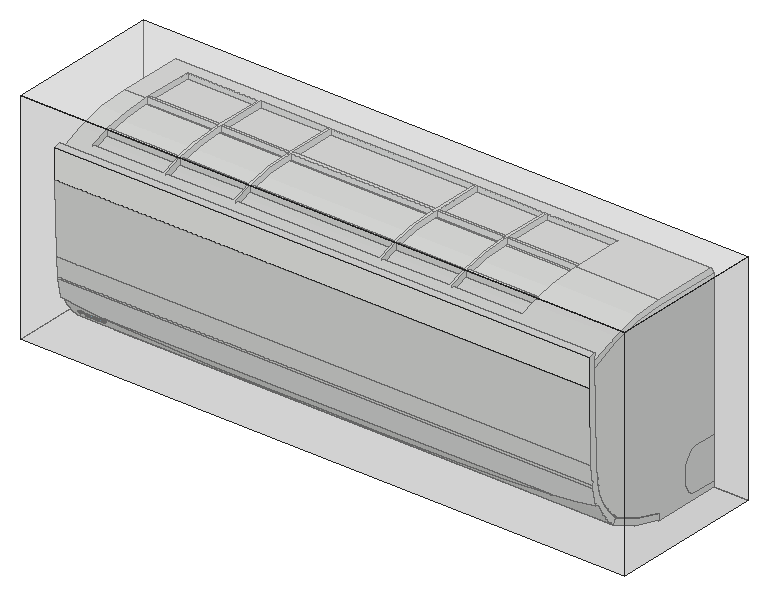
Revit family "outputfile", category 機械設備, Revit 2024
Family settings
  丸型コネクタ寸法 = 半径を使用
  パーツ タイプ = 標準
  OmniClass 番号 = 23.75.10.24.21.27.27
  OmniClass タイトル = Split System Air Conditioning Units
  作業面ベース = いいえ
  常に垂直 = はい
  ロード時にボイドで切り取り = いいえ
  注釈の向きを維持 = いいえ
  共有 = いいえ
  部屋計算ポイント = いいえ
Parameters (values of type "FTXV25W2VMA")
  Description = ""
  書き出し IFC クラス(タイプ) = "IfcUnitaryEquipmentType"
  定義済み IFC タイプ(タイプ) = "AIRCONDITIONINGUNIT"
  Cost = 0
  Type Comments = ""
  Keynote = ""
  Type Image = (empty or 0)
  Assembly Code = ""
  w_wall hole = if(Width = 770.0 mm, 48.0 mm, 60.0 mm)  # 48.0 mm
  製造元 = "Daikin"
  モデル = "FTXV25W2VMA"
  switch_frequency = yes
  r_Liquid Pipe Size = Liquid Pipe Size / 2  # 3.2 mm
  r_Gas Pipe Size = Gas Pipe Size / 2  # 4.75 mm
  r_Drain Pipe Size = Drain Pipe Size / 2  # 8.0 mm
  lw_powersupply [instance] = if(Width = 770.0 mm, if(or(Rear Right Connection_refrigerant, Bottom Right Connection_refrigerant), 25.0 mm, if(or(Rear Left Connection_refrigerant, Bottom Left Connection_refrigerant), 745.0 mm, 400.0 mm)), if(Width = 990.0 mm, if(or(Rear Right Connection_refrigerant, Bottom Right Connection_refrigerant), 40.0 mm, if(or(Rear Left Connection_refrigerant, Bottom Left Connection_refrigerant), 920.0 mm, 400.0 mm)), if(or(Rear Right Connection_refrigerant, Bottom Right Connection_refrigerant), 40.0 mm, if(or(Rear Left Connection_refrigerant, Bottom Left Connection_refrigerant), 920.0 mm, 400.0 mm))))  # 400.0 mm
  lw_liquidpipe [instance] = if(Width = 770.0 mm, if(or(Rear Right Connection_refrigerant, Bottom Right Connection_refrigerant), 0.0 mm, if(or(Rear Left Connection_refrigerant, Bottom Left Connection_refrigerant), 664.0 mm, 385.0 mm)), if(Width = 990.0 mm, if(or(Rear Right Connection_refrigerant, Bottom Right Connection_refrigerant), 0.0 mm, if(or(Rear Left Connection_refrigerant, Bottom Left Connection_refrigerant), 664.0 mm + (990.0 mm - 770.0 mm), 475.0 mm)), if(or(Rear Right Connection_refrigerant, Bottom Right Connection_refrigerant), 0.0 mm, if(or(Rear Left Connection_refrigerant, Bottom Left Connection_refrigerant), 664.0 mm + (990.0 mm - 770.0 mm), 475.0 mm))))  # 385.0 mm
  lw_gaspipe [instance] = if(Width = 770.0 mm, if(or(Rear Right Connection_refrigerant, Bottom Right Connection_refrigerant), 0.0 mm, if(or(Rear Left Connection_refrigerant, Bottom Left Connection_refrigerant), 675.0 mm, if(Gas Pipe Size = 12.7 mm, 345.0 mm, 335.0 mm))), if(Width = 990.0 mm, if(or(Rear Right Connection_refrigerant, Bottom Right Connection_refrigerant), 10.0 mm, if(or(Rear Left Connection_refrigerant, Bottom Left Connection_refrigerant), 890.0 mm, if(Gas Pipe Size = 15.9 mm, 410.0 mm, 400.0 mm))), if(or(Rear Right Connection_refrigerant, Bottom Right Connection_refrigerant), 10.0 mm, if(or(Rear Left Connection_refrigerant, Bottom Left Connection_refrigerant), 890.0 mm, if(Gas Pipe Size = 15.9 mm, 410.0 mm, 400.0 mm)))))  # 335.0 mm
  lw_drainpipe [instance] = if(Width = 770.0 mm, if(or(Rear Right Connection_refrigerant, Bottom Right Connection_refrigerant), 0.0 mm, if(or(Rear Left Connection_refrigerant, Bottom Left Connection_refrigerant), 770.0 mm - 48.0 mm - 48.0 mm, 440.0 mm)), if(Width = 990.0 mm, if(or(Rear Right Connection_refrigerant, Bottom Right Connection_refrigerant), 0.0 mm, if(or(Rear Left Connection_refrigerant, Bottom Left Connection_refrigerant), 675.0 mm + (990.0 mm - 770.0 mm), 435.0 mm)), if(or(Rear Right Connection_refrigerant, Bottom Right Connection_refrigerant), 0.0 mm, if(or(Rear Left Connection_refrigerant, Bottom Left Connection_refrigerant), 675.0 mm + (990.0 mm - 770.0 mm), 435.0 mm))))  # 440.0 mm
  l_powersupply_length [instance] = if(Width = 770.0 mm, if(Right Connection_refrigerant, 400.0 mm, if(Left Connection_refrigerant, 770.0 mm - 400.0 mm, if(or(Rear Left Connection_refrigerant, Rear Right Connection_refrigerant), 15.0 mm, 50.0 mm))), if(Width = 990.0 mm, if(Right Connection_refrigerant, 400.0 mm, if(Left Connection_refrigerant, 990.0 mm - 400.0 mm, if(or(Rear Left Connection_refrigerant, Rear Right Connection_refrigerant), 15.0 mm, 50.0 mm))), if(Right Connection_refrigerant, 400.0 mm, if(Left Connection_refrigerant, 990.0 mm - 400.0 mm, if(or(Rear Left Connection_refrigerant, Rear Right Connection_refrigerant), 15.0 mm, 50.0 mm)))))  # 400.0 mm
  l_liquidpipe_length [instance] = if(Width = 770.0 mm, if(Right Connection_refrigerant, 433.0 mm, if(Left Connection_refrigerant, 337.0 mm, if(or(Rear Left Connection_refrigerant, Rear Right Connection_refrigerant), 30.0 mm, 40.0 mm))), if(Width = 990.0 mm, if(Right Connection_refrigerant, 535.0 mm, if(Left Connection_refrigerant, 455.0 mm, if(or(Rear Left Connection_refrigerant, Rear Right Connection_refrigerant), 30.0 mm, 40.0 mm))), if(Right Connection_refrigerant, 535.0 mm, if(Left Connection_refrigerant, 455.0 mm, if(or(Rear Left Connection_refrigerant, Rear Right Connection_refrigerant), 30.0 mm, 40.0 mm)))))  # 433.0 mm
  l_gaspipe_length [instance] = if(Width = 770.0 mm, if(Right Connection_refrigerant, if(Gas Pipe Size = 12.7 mm, 393.0 mm, 383.0 mm), if(Left Connection_refrigerant, if(Gas Pipe Size = 12.7 mm, 770.0 mm - 393.0 mm, 770.0 mm - 383.0 mm), if(or(Rear Left Connection_refrigerant, Rear Right Connection_refrigerant), 40.0 mm, 50.0 mm))), if(Width = 990.0 mm, if(Right Connection_refrigerant, if(Gas Pipe Size = 15.9 mm, 470.0 mm, 460.0 mm), if(Left Connection_refrigerant, if(Gas Pipe Size = 15.9 mm, 990.0 mm - 470.0 mm, 990.0 mm - 460.0 mm), if(or(Rear Left Connection_refrigerant, Rear Right Connection_refrigerant), 40.0 mm, 50.0 mm))), if(Right Connection_refrigerant, if(Gas Pipe Size = 15.9 mm, 470.0 mm, 460.0 mm), if(Left Connection_refrigerant, if(Gas Pipe Size = 15.9 mm, 990.0 mm - 470.0 mm, 990.0 mm - 460.0 mm), if(or(Rear Left Connection_refrigerant, Rear Right Connection_refrigerant), 40.0 mm, 50.0 mm)))))  # 383.0 mm
  l_drainpipe_length [instance] = if(Width = 770.0 mm, if(Right Connection_refrigerant, 488.0 mm, if(Left Connection_refrigerant, 282.0 mm, if(or(Rear Left Connection_refrigerant, Rear Right Connection_refrigerant), 15.0 mm, 20.0 mm))), if(Width = 990.0 mm, if(Right Connection_refrigerant, 495.0 mm, if(Left Connection_refrigerant, 495.0 mm, if(or(Rear Left Connection_refrigerant, Rear Right Connection_refrigerant), 15.0 mm, 20.0 mm))), if(Right Connection_refrigerant, 495.0 mm, if(Left Connection_refrigerant, 495.0 mm, if(or(Rear Left Connection_refrigerant, Rear Right Connection_refrigerant), 15.0 mm, 20.0 mm)))))  # 488.0 mm
  h*** = 0.0 mm  # constant formula
  connector_voltage = Voltage_50Hz  # 230 V
  connector_powerinput = if([Power Input (Cooling)] > [Power Input (Heating)], [Power Input (Cooling)], [Power Input (Heating)])  # 0.000 kW
  connector_phase = Phase_50Hz  # 1
  angle_vertical [instance] = if(or(Bottom Left Connection_refrigerant, Bottom Right Connection_refrigerant), 0.00°, 90.00°)  # 90.00°
  angle_horizontal [instance] = if(Right Connection_refrigerant, 90.00°, if(Left Connection_refrigerant, -90.00°, if(or(Rear Left Connection_refrigerant, Rear Right Connection_refrigerant), 180.00°, 0.00°)))  # 90.00°
  Width = 770.0 mm
  Voltage_comment_50Hz = "220 - 240"
  Voltage_50Hz = 230 V
  Version = "ver.1.0"
  Unit Type = "Wall Mounted"
  Unit Mass Weight = 9.00 kg
  Unit Designation [instance] = ""
  Uniclass2015Version = "Products v1.30"
  Uniclass2015Title = "Split coil room air conditioning units"
  Uniclass2015Code = "Pr_70_65_03_86"
  URL = ""
  Total Heating Capacity [instance] = 0.000 kW
  Total Cooling Capacity [instance] = 0.000 kW
  Sound Pressure Level_M speed (dBA) = 32
  Sound Pressure Level_L speed (dBA) = 25
  Sound Pressure Level_H speed (dBA) = 42
  Sound Power Level_H speed (dB) = 0
  Series = "Single Split_Fan Coil Unit"
  Sensible Cooling Capacity [instance] = 0.000 kW
  Refrigerant Type = "R32"
  Power Input (Heating) = 0.000 kW
  Power Input (Cooling) = 0.000 kW
  Phase_50Hz = 1
  Option Accessory 3 [instance] = ""
  Option Accessory 2 [instance] = ""
  Option Accessory 1 [instance] = ""
  Nominal Heating Capacity = 3.200 kW
  Nominal Cooling Capacity = 2.500 kW
  Minimum Circuit Amps_50Hz = 0.0 A
  Minimum Airflow = 300.00 m³/h
  Median Airflow = 426.00 m³/h
  Maximum Fuse Amps_50Hz = 0.0 A
  Maximum Airflow = 624.00 m³/h
  Material_Casing = DAIKIN_PureWhite_Casing_indoorunit
  Load Classification = HVAC
  Liquid Pipe Size = 6.4 mm
  Link_Nested Family [instance] = ""
  IfcVersion = ""
  IfcExportType = "AIRCONDITIONINGUNIT"
  IfcExportAs = "IfcUnitaryEquipmentType"
  Height = 285.0 mm
  Heating Entering Wet Bulb Temperature [instance] = -273.15 °C
  Heating Entering Dry Bulb Temperature [instance] = -273.15 °C
  Heating Ambient Wet Bulb Temperature [instance] = -273.15 °C
  Heating Ambient Dry Bulb Temperature [instance] = -273.15 °C
  Heat Exchanger Type = "Cross Fin Coil"
  Gas Pipe Size = 9.5 mm
  Frequency_50Hz = 50 Hz
  Fan Type = "Cross Flow Fan"
  Fan Drive = "Direct Drive"
  FCU Tag No. [instance] = ""
  Drain Pipe Size = 16.0 mm
  Design Supply Airflow [instance] = 0.00 m³/h
  Depth = 223.0 mm
  既定の高さ = 0.0 mm
  Cooling Entering Wet Bulb Temperature [instance] = 0.00 °C
  Cooling Entering Dry Bulb Temperature [instance] = 0.00 °C
  Cooling Ambient Wet Bulb Temperature [instance] = 0.00 °C
  Cooling Ambient Dry Bulb Temperature [instance] = 0.00 °C
  Clearance visibility [instance] = yes
  Clearance Top = 30.0 mm
  Clearance Right = 50.0 mm
  Clearance Rear = 0.0 mm
  Clearance Left = 50.0 mm
  Clearance Front = 0.0 mm
  Clearance Bottom = 0.0 mm
  Bottom Right Connection_refrigerant [instance] = no
  Bottom Left Connection_refrigerant [instance] = no
  Rear Right Connection_refrigerant [instance] = no
  Rear Left Connection_refrigerant [instance] = no
  Right Connection_refrigerant [instance] = yes
  Left Connection_refrigerant [instance] = no
Reference planes
  plane 1 "Back": y = 0
  plane 2: z = 0
  plane 3 "Center (Left/Right)": x = 0
  plane 4 "Center (Front/Back)": y = -111.5
  plane 5 "Front": y = -223
  plane 6 "Left": x = -385
  plane 7 "Right": x = 385
  plane 8 "Top": z = 0
  plane 9 "Bottom": z = -285
  plane 10: x = -435
  plane 11: x = 435
  plane 12: y = 0
  plane 13: y = -223
  plane 14: z = 30
  plane 15: z = -285
  plane 16 "lw_Piping and Wiring intake": x = 337
  plane 17 "lw_gaspipe": x = 2
  plane 18 "lw_liquidpipe": x = -48
  plane 19 "lw_drainpipe": x = -103
  plane 20 "lh_drainpipe": z = -265
  plane 21 "lh_liquidpipe": z = -245
  plane 22 "lh_gaspipe": z = -235
  plane 23 "ld_drainpipe": y = -15
  plane 24 "ld_liquidpipe": y = -30
  plane 25 "ld_gaspipe": y = -40
  plane 26 "lw_powersupply": x = -15
Dimensions and locks
  equal spacing: plane 6 "Left", plane 3 "Center (Left/Right)", plane 7 "Right"
  "Width": plane 6 "Left" to plane 7 "Right"
  equal spacing: plane 5 "Front", plane 4 "Center (Front/Back)", plane 1 "Back"
  "Depth": plane 5 "Front" to plane 1 "Back"
  "Height": plane 8 "Top" to plane 9 "Bottom"
  "Clearance Rear": plane 12 to plane 1 "Back"
  "Clearance Front": plane 13 to plane 5 "Front"
  "Clearance Top": plane 14 to plane 8 "Top"
  "Clearance Bottom": plane 9 "Bottom" to plane 15
  "w_wall hole": plane 16 "lw_Piping and Wiring intake" to plane 7 "Right"
  "lw_gaspipe": plane 17 "lw_gaspipe" to plane 16 "lw_Piping and Wiring intake"
  "lw_liquidpipe": plane 18 "lw_liquidpipe" to plane 16 "lw_Piping and Wiring intake"
  "lw_drainpipe": plane 19 "lw_drainpipe" to plane 16 "lw_Piping and Wiring intake"
  locked: plane 20 "lh_drainpipe" to plane 9 "Bottom" at 20
  locked: plane 21 "lh_liquidpipe" to plane 9 "Bottom" at 40
  locked: plane 22 "lh_gaspipe" to plane 9 "Bottom" at 50
  locked: plane 23 "ld_drainpipe" to plane 1 "Back" at 15
  locked: plane 1 "Back" to plane 24 "ld_liquidpipe" at 30
  locked: plane 1 "Back" to plane 25 "ld_gaspipe" at 40
  "lw_powersupply": plane 26 "lw_powersupply" to plane 7 "Right"
  "Clearance Right": plane 7 "Right" to plane 11
  "Clearance Left": plane 10 to plane 6 "Left"
  aligned and locked: level to plane 2
  aligned and locked: plane 12 to nested 1
  aligned and locked: nested 1 to plane 13
  aligned and locked: plane 10 to nested 1
  aligned and locked: plane 11 to nested 1
  aligned and locked: plane 15 to nested 1
  aligned and locked: plane 14 to nested 1
  aligned and locked: plane 17 "lw_gaspipe" to nested 2
  aligned and locked: nested 2 to plane 25 "ld_gaspipe"
  aligned and locked: plane 18 "lw_liquidpipe" to nested 3
  aligned and locked: nested 3 to plane 24 "ld_liquidpipe"
  aligned and locked: plane 19 "lw_drainpipe" to nested 4
  aligned and locked: nested 4 to plane 23 "ld_drainpipe"
  aligned and locked: nested 5 to plane 23 "ld_drainpipe"
  aligned and locked: plane 26 "lw_powersupply" to nested 5
  aligned and locked: level to plane 8 "Top"
  aligned and locked: plane 3 "Center (Left/Right)" to nested 6
  aligned and locked: plane 1 "Back" to nested 6
  aligned and locked: plane 8 "Top" to nested 6
Nested families
  nested 1: "daikin_clearancespace" at (0, -111.5, -127.381), show <- "Clearance visibility", visible <- "Clearance visibility", Link_Nested Family <- "Link_Nested Family", type "daikin_clearancespace"
    with width 870.0 mm, show yes, height 315.0 mm, depth 223.0 mm, Link_Nested Family ""
  nested 2: "daikin_connector_rotate3" at (2, -40, -235), angle_vertical <- "angle_vertical", angle_horizontal <- "angle_horizontal", length <- "l_gaspipe_length", radius <- "r_Gas Pipe Size", type "daikin_connector_rotate3"
    with show no, radius 4.75 mm, length 383.0 mm, angle_vertical 90.00°, angle_horizontal 90.00°
  nested 3: "daikin_connector_rotate3" at (-48, -30, -245), angle_vertical <- "angle_vertical", angle_horizontal <- "angle_horizontal", radius <- "r_Liquid Pipe Size", length <- "l_liquidpipe_length", type "daikin_connector_rotate3"
    with show no, radius 3.2 mm, length 433.0 mm, angle_vertical 90.00°, angle_horizontal 90.00°
  nested 4: "daikin_connector_rotate3" at (-103, -15, -265), angle_vertical <- "angle_vertical", angle_horizontal <- "angle_horizontal", length <- "l_drainpipe_length", radius <- "r_Drain Pipe Size", type "daikin_connector_rotate3"
    with show no, radius 8.0 mm, length 488.0 mm, angle_vertical 90.00°, angle_horizontal 90.00°
  nested 5: "daikin_connector_rotate3" at (-15, -15, -235), angle_vertical <- "angle_vertical", angle_horizontal <- "angle_horizontal", length <- "l_powersupply_length", type "daikin_connector_rotate3"
    with show no, radius 10.0 mm, length 400.0 mm, angle_vertical 90.00°, angle_horizontal 90.00°
  nested 6: "DAIKIN_indoorunit_FTXV-W2VMA" at (-31, 0, 0), type "FTXV-W2VMA"
Connectors
  piping at (385, -40, -235), diameter 9.5, driven by "r_Gas Pipe Size"
    settings: on nested 2, index 1, connector inside diameter 609.6 mm, connector length 0.0 mm, flow factor 0, pipe flow 0.00 m³/h, pressure drop 0.0 Pa, fitting loss kfactor 0, connector angle 0.00°, fixture units 0, engagement length 0.0 mm, angle of deflection 0.00°, flow configuration 1, flow direction 2, fitting loss method 0, system type 29, joint type 0, gender type 0, connector reference index -1, connector utility 0, adjustable connector no, is connector primary yes, connector description "Refrigerant Gas Piping"
  piping at (385, -30, -245), diameter 6.4, driven by "r_Liquid Pipe Size"
    settings: on nested 3, index 2, connector inside diameter 609.6 mm, connector length 0.0 mm, flow factor 0, pipe flow 0.00 m³/h, pressure drop 0.0 Pa, fitting loss kfactor 0, connector angle 0.00°, fixture units 0, engagement length 0.0 mm, angle of deflection 0.00°, flow configuration 1, flow direction 1, fitting loss method 0, system type 29, joint type 0, gender type 0, connector reference index -1, connector utility 0, adjustable connector no, is connector primary no, connector description "Refrigerant Liquid Piping"
  piping at (385, -15, -265), diameter 16, driven by "r_Drain Pipe Size"
    settings: on nested 4, index 3, connector inside diameter 609.6 mm, connector length 0.0 mm, flow factor 0, pipe flow 0.00 m³/h, pressure drop 0.0 Pa, fitting loss kfactor 0, connector angle 0.00°, fixture units 0, engagement length 0.0 mm, angle of deflection 0.00°, flow configuration 1, flow direction 2, fitting loss method 4, system type 16, joint type 0, gender type 0, connector reference index -1, connector utility 0, adjustable connector no, is connector primary no, connector description "Condensate Drain Piping"
  electrical at (385, -15, -235), driven by "Load Classification", driven by "connector_phase", driven by "connector_powerinput", driven by "connector_voltage"
    settings: on nested 5, index 4, voltage 230 V, apparent load 0 VA, apparent load phase1 0 VA, apparent load phase2 0 VA, apparent load phase3 0 VA, power factor 1, load classification "HVAC", number of poles 1, system type 30, power factor state 1, is connector primary yes, connector utility no, sub classification motor no, connector description "Power Supply"
Definition of nested family "daikin_clearancespace"
  Parameters (values of type "daikin_clearancespace")
    Description = "daikin_clearancespace"
    width [instance] = 1823.963 mm
    show [instance] = yes
    material = none
    height [instance] = 1359.762 mm
    depth [instance] = 880.0 mm
    Default Elevation = 0.0 mm
    Link_Nested Family [instance] = ""
  Reference planes
    plane 1 "Center (Front/Back)": y = 0
    plane 2 "Center (Elevation)": z = -0.119
    plane 3 "Center (Left/Right)": x = 0
    plane 4: y = 440
    plane 5: y = -440
    plane 6 "Right": x = 911.982
    plane 7 "Left": x = -911.982
    plane 8 "Top": z = 679.762
    plane 9 "Bottom": z = -680
  Forms (mm)
    Extrusion 1, solid, material <- "material", visible <- "show"
      sketch origin (0, 0, 0) x (1, 0, 0) y (0, 1, 0)
        loop
          line (-911.982, 440) -> (-911.982, -440) -> (911.982, -440) -> (911.982, 440) -> (-911.982, 440)
      from -680 to 679.762
  Lines and regions (mm)
    symbolic lines, visible <- "show"
      curve 1: line (911.982, 440, 0) -> (-911.982, 440, 0)
      curve 2: line (-911.982, 440, 0) -> (-911.982, -440, 0)
      curve 3: line (-911.982, -440, 0) -> (911.982, -440, 0)
      curve 4: line (911.982, -440, 0) -> (911.982, 440, 0)
      curve 5: line (911.982, 0, 679.762) -> (-911.982, 0, 679.762)
      curve 6: line (911.982, 0, -680) -> (911.982, 0, 679.762)
      curve 7: line (-911.982, 0, -680) -> (911.982, 0, -680)
      curve 8: line (-911.982, 0, 679.762) -> (-911.982, 0, -680)
      curve 9: line (0, 440, 679.762) -> (0, -440, 679.762)
      curve 10: line (0, -440, 679.762) -> (0, -440, -680)
      curve 11: line (0, 440, -680) -> (0, 440, 679.762)
      curve 12: line (0, -440, -680) -> (0, 440, -680)
  Dimensions and locks
    "width": plane 7 "Left" to plane 6 "Right"
    "depth": plane 4 to plane 5
    "height": plane 8 "Top" to plane 9 "Bottom"
    equal spacing: plane 7 "Left", plane 3 "Center (Left/Right)", plane 6 "Right"
    equal spacing: plane 4, plane 1 "Center (Front/Back)", plane 5
    equal spacing: plane 8 "Top", plane 2 "Center (Elevation)", plane 9 "Bottom"
    aligned and locked: level to plane 2 "Center (Elevation)"
    aligned and locked: Extrusion 1 sketch curve to plane 4
    aligned and locked: plane 7 "Left" to Extrusion 1 sketch curve
    aligned and locked: Extrusion 1 sketch curve to plane 5
    aligned and locked: Extrusion 1 sketch curve to plane 6 "Right"
    aligned and locked: plane 8 "Top" to Extrusion 1
    aligned and locked: curve 1 to Extrusion 1
    aligned and locked: curve 2 to Extrusion 1
    aligned and locked: curve 3 to Extrusion 1
    aligned and locked: curve 4 to Extrusion 1
    aligned and locked: curve 5 to Extrusion 1
    aligned and locked: curve 6 to Extrusion 1
    aligned and locked: curve 7 to Extrusion 1
    aligned and locked: curve 8 to Extrusion 1
    aligned and locked: curve 9 to Extrusion 1
    aligned and locked: curve 10 to Extrusion 1
    aligned and locked: curve 11 to Extrusion 1
    aligned and locked: curve 12 to Extrusion 1
    aligned and locked: Extrusion 1 to plane 9 "Bottom"
Definition of nested family "DAIKIN_indoorunit_FTXV-W2VMA"
  Parameters (values of type "FTKM-QVMA")
    switch_unit1_50-71 = Width = 990.0 mm  # no
    switch_unit1_20-46 = Width = 770.0 mm  # yes
    Width = 770.0 mm
    WALL HOLE-R = if(Width = 770.0 mm, 48.0 mm, 60.0 mm)  # 48.0 mm
    WALL HOLE Size = if(Width = 770.0 mm, 65.0 mm, 80.0 mm)  # 65.0 mm
    Material_Casing = none
    Height = if(Width = 770.0 mm, 285.0 mm, 295.0 mm)  # 285.0 mm
    Default Elevation = 0.0 mm
  Reference planes
    plane 1 "Center (Front/Back)": y = 0
    plane 2 "reference_level": z = 0
    plane 3 "Center (Left/Right)": x = 31
    plane 4: x = -354
    plane 5: x = 416
    plane 6: z = -285
  Forms (mm)
    Extrusion 1, solid, material <- "Material_Casing", visible <- "switch_unit1_20-46"
      sketch origin (29, 0, 0) x (0, 1, 0) y (0, 0, 1)
        loop
          line (-5, 0) -> (-98, 0)
          arc (-98, 0) -> (-157.611, -7.211) -> (-213.783, -28.427) r 250
          arc (-213.783, -28.427) -> (-213.842, -32.972) -> (-213.892, -37.516) r 2191
          arc (-213.892, -37.516) -> (-157.832, -15.495) -> (-98.07, -8) r 242
          line (-98.07, -8) -> (0, -8) -> (-5, 0)
      from -383 to 387
    Extrusion 2, solid, material <- "Material_Casing", visible <- "switch_unit1_20-46"
      sketch origin (416, 1296.25, 1200) x (0, 1, 0) y (0, 0, 1)
        loop
          line (-1472.998, -1446.91) -> (-1476.998, -1453.839)
          arc (-1476.998, -1453.839) -> (-1437.481, -1472.422) -> (-1395.25, -1483.538) r 240
          line (-1395.25, -1483.538) -> (-1395.25, -1475.422)
          arc (-1395.25, -1475.422) -> (-1435.407, -1464.663) -> (-1472.998, -1446.91) r 232
      from 0 to -47.5
    Extrusion 3, solid, material <- "Material_Casing", visible <- "switch_unit1_20-46"
      sketch origin (29, 0, 0) x (0, 1, 0) y (0, 0, 1)
        loop
          arc (-223, -60.455) -> (-222.414, -110.646) -> (-220.656, -160.81) r 2149.92
          arc (-220.656, -160.81) -> (-219.65, -174.299) -> (-217.853, -187.706) r 229.911
          arc (-217.853, -187.706) -> (-205.371, -223.594) -> (-181.517, -253.17) r 111
          line (-181.517, -253.17) -> (-177.429, -246.093)
          arc (-177.429, -246.093) -> (-198.77, -218.989) -> (-209.965, -186.36) r 103
          arc (-209.965, -186.36) -> (-211.681, -173.586) -> (-212.651, -160.735) r 221.844
          arc (-212.651, -160.735) -> (-214.739, -93.233) -> (-214.74, -25.699) r 2186.828
          arc (-214.74, -25.699) -> (-214.671, -21.467) -> (-214.594, -17.235) r 2192
          line (-214.594, -17.235) -> (-223, -19.961) -> (-223, -60.455)
      from -383 to 387
    Extrusion 4, solid, material <- "Material_Casing", visible <- "switch_unit1_20-46"
      sketch origin (29, 0, 0) x (0, 1, 0) y (0, 0, 1)
        loop
          line (-181.517, -253.17) -> (-179.597, -249.846)
          arc (-179.597, -249.846) -> (-202.009, -221.399) -> (-213.189, -186.952) r 103
          line (-213.189, -186.952) -> (-217.853, -187.706)
          arc (-217.853, -187.706) -> (-217.533, -189.556) -> (-217.182, -191.4) r 111
          arc (-217.182, -191.4) -> (-213.806, -208.181) -> (-210.362, -224.948) r 4257.809
          arc (-210.362, -224.948) -> (-198.886, -237.857) -> (-186.225, -249.607) r 180
          line (-186.225, -249.607) -> (-181.517, -253.17)
      from -383 to 387
    Extrusion 5, solid, material <- "Material_Casing", visible <- "switch_unit1_20-46"
      sketch origin (29, 0, -20) x (0, 1, 0) y (0, 0, 1)
        loop
          line (0, -265) -> (0, 12) -> (-98.07, 12)
          arc (-98.07, 12) -> (-157.832, 4.505) -> (-213.892, -17.516) r 242
          arc (-213.892, -17.516) -> (-213.638, -79.114) -> (-211.653, -140.681) r 2191
          arc (-211.653, -140.681) -> (-210.685, -153.501) -> (-208.973, -166.243) r 221
          arc (-208.973, -166.243) -> (-197.471, -199.282) -> (-175.482, -226.491) r 102
          arc (-175.482, -226.491) -> (-138.004, -244.019) -> (-98, -254.579) r 231
          line (-98, -254.579) -> (-98, -265) -> (0, -265)
      from -383 to 387
    Extrusion 6, solid, material <- "Material_Casing", visible <- "switch_unit1_20-46"
      sketch origin (-354, 1296.25, 1200) x (0, 1, 0) y (0, 0, 1)
        loop
          line (-1472.998, -1446.91) -> (-1476.998, -1453.839)
          arc (-1476.998, -1453.839) -> (-1437.481, -1472.422) -> (-1395.25, -1483.538) r 240
          line (-1395.25, -1483.538) -> (-1395.25, -1475.422)
          arc (-1395.25, -1475.422) -> (-1435.407, -1464.663) -> (-1472.998, -1446.91) r 232
      from 47 to 0
    Extrusion 7, solid, material <- "Material_Casing", visible <- "switch_unit1_20-46"
      sketch origin (416, 1296.25, 1200) x (0, 1, 0) y (0, 0, 1)
        loop
          line (-1472.998, -1446.91) -> (-1476.998, -1453.839)
          arc (-1476.998, -1453.839) -> (-1443.437, -1470.168) -> (-1407.75, -1481.097) r 240
          line (-1407.75, -1481.097) -> (-1407.75, -1472.894)
          arc (-1407.75, -1472.894) -> (-1441.363, -1462.385) -> (-1472.998, -1446.91) r 232
      from -116.993 to -48.493
    Extrusion 8, solid, material <- "Material_Casing", visible <- "switch_unit1_20-46"
      sketch origin (416, 1296.25, 1200) x (0, 1, 0) y (0, 0, 1)
        loop
          line (-1472.998, -1446.91) -> (-1476.998, -1453.839)
          arc (-1476.998, -1453.839) -> (-1443.437, -1470.168) -> (-1407.75, -1481.097) r 240
          line (-1407.75, -1481.097) -> (-1407.75, -1472.894)
          arc (-1407.75, -1472.894) -> (-1441.363, -1462.385) -> (-1472.998, -1446.91) r 232
      from -717 to -121.993
    Extrusion 9, void
      sketch origin (31, 0, -235) x (1, 0, 0) y (0, 1, 0)
        loop
          line (-252.674, -22.316) -> (-354.941, -22.316) -> (-354.941, -91.341) -> (-252.674, -91.341) -> (-252.674, -22.316)
        loop
          line (-249.341, -91.341) -> (-151.574, -91.341) -> (-151.574, -22.316) -> (-249.341, -22.316) -> (-249.341, -91.341)
        loop
          line (58.309, -22.316) -> (-148.309, -22.316) -> (-148.309, -91.341) -> (58.309, -91.341) -> (58.309, -22.316)
        loop
          line (61.689, -22.316) -> (61.689, -91.341) -> (159.457, -91.341) -> (159.457, -22.316) -> (61.689, -22.316)
        loop
          line (162.789, -22.316) -> (162.789, -91.341) -> (265.057, -91.341) -> (265.057, -22.316) -> (162.789, -22.316)
        loop
          line (-354.941, -94.659) -> (-354.941, -165.259) -> (-252.674, -165.259) -> (-252.674, -94.659) -> (-354.941, -94.659)
        loop
          line (-249.341, -94.659) -> (-249.341, -165.259) -> (-151.574, -165.259) -> (-151.574, -94.659) -> (-249.341, -94.659)
        loop
          line (-148.309, -94.659) -> (-148.309, -165.259) -> (58.309, -165.259) -> (58.309, -94.659) -> (-148.309, -94.659)
        loop
          line (61.689, -94.659) -> (61.689, -165.259) -> (159.457, -165.259) -> (159.457, -94.659) -> (61.689, -94.659)
        loop
          line (162.789, -94.659) -> (162.789, -165.259) -> (265.057, -165.259) -> (265.057, -94.659) -> (162.789, -94.659)
        loop
          line (-354.941, -167.382) -> (-354.941, -192.681) -> (-252.674, -192.681) -> (-252.674, -167.382) -> (-354.941, -167.382)
        loop
          line (-249.341, -167.382) -> (-249.341, -192.681) -> (-151.574, -192.681) -> (-151.574, -167.382) -> (-249.341, -167.382)
        loop
          line (-148.309, -167.382) -> (-148.309, -192.681) -> (58.309, -192.681) -> (58.309, -167.382) -> (-148.309, -167.382)
        loop
          line (159.457, -167.382) -> (61.689, -167.382) -> (61.689, -192.681) -> (159.457, -192.681) -> (159.457, -167.382)
        loop
          line (265.057, -167.382) -> (162.789, -167.382) -> (162.789, -192.681) -> (265.057, -192.681) -> (265.057, -167.382)
      from 201.638 to 250
    Extrusion 10, void
      sketch origin (31, 0, 0) x (1, 0, 0) y (0, 0, 1)
        loop
          arc (597, -174.907) -> (0.056, -245.263) -> (-597, -175.856) r 2585.042
          line (-597, -175.856) -> (-597, -352.872) -> (597, -352.872) -> (597, -174.907)
      from 173 to 315.3
    Extrusion 11, solid, material <- "Material_Casing"
      sketch origin (31, 0, 0) x (1, 0, 0) y (0, 0, 1)
        loop
          circle (337, -240.5) r 32.5
        loop
          circle (-337, -240.5) r 32.5
      from 0 to 5
    Extrusion 12, solid, material <- "Material_Casing", visible <- "switch_unit1_20-46"
      sketch origin (416, 1296.25, 1200) x (0, -1, 0) y (0, 0, 1)
        loop
          line (1326.25, -1417) -> (1296.25, -1417) -> (1296.25, -1477) -> (1326.25, -1477)
          arc (1326.25, -1477) -> (1340.393, -1471.142) -> (1346.25, -1457) r 20
          line (1346.25, -1457) -> (1346.25, -1437)
          arc (1346.25, -1437) -> (1340.393, -1422.858) -> (1326.25, -1417) r 20
      from 0 to 5
    Extrusion 13, solid, material <- "Material_Casing", visible <- "switch_unit1_20-46"
      sketch origin (-354, 1296.25, 1200) x (0, 1, 0) y (0, 0, 1)
        loop
          line (-1296.25, -1417) -> (-1326.25, -1417)
          arc (-1326.25, -1417) -> (-1340.393, -1422.858) -> (-1346.25, -1437) r 20
          line (-1346.25, -1437) -> (-1346.25, -1457)
          arc (-1346.25, -1457) -> (-1340.393, -1471.142) -> (-1326.25, -1477) r 20
          line (-1326.25, -1477) -> (-1296.25, -1477) -> (-1296.25, -1417)
      from 0 to 5
    Extrusion 14, solid, material <- "Material_Casing", visible <- "switch_unit1_20-46"
      sketch origin (31, 0, -285) x (-1, 0, 0) y (0, -1, 0)
        loop
          line (-314, 0) -> (-314, 30)
          arc (-314, 30) -> (-319.858, 44.142) -> (-334, 50) r 20
          line (-334, 50) -> (-354, 50)
          arc (-354, 50) -> (-368.142, 44.142) -> (-374, 30) r 20
          line (-374, 30) -> (-374, 0) -> (-314, 0)
        loop
          line (374, 0) -> (374, 30)
          arc (374, 30) -> (368.142, 44.142) -> (354, 50) r 20
          line (354, 50) -> (334, 50)
          arc (334, 50) -> (319.858, 44.142) -> (314, 30) r 20
          line (314, 30) -> (314, 0) -> (374, 0)
      from 0 to 5
    Extrusion 15, solid, material <- "Material_Casing", visible <- "switch_unit1_50-71"
      sketch origin (31, 0, 0) x (0, 1, 0) y (0, 0, 1)
        loop
          line (-5, 0) -> (-138, 0)
          arc (-138, 0) -> (-197.611, -7.211) -> (-253.783, -28.427) r 250
          arc (-253.783, -28.427) -> (-253.838, -32.687) -> (-253.886, -36.946) r 2191
          arc (-253.886, -36.946) -> (-197.73, -15.346) -> (-138.014, -8) r 246.393
          line (-138.014, -8) -> (0, -8) -> (-5, 0)
      from -495 to 495
    Extrusion 16, solid, material <- "Material_Casing", visible <- "switch_unit1_50-71"
      sketch origin (418, 1296.25, 1200) x (0, 1, 0) y (0, 0, 1)
        loop
          arc (-1515.208, -1454.149) -> (-1506.856, -1460.599) -> (-1497.925, -1466.219) r 110
          arc (-1497.925, -1466.219) -> (-1445.718, -1487.493) -> (-1389.844, -1494.995) r 223
          line (-1389.844, -1494.995) -> (-1389.844, -1486.086) -> (-1404.386, -1486.086)
          arc (-1404.386, -1486.086) -> (-1449.542, -1477.46) -> (-1491.818, -1459.402) r 214.289
          arc (-1491.818, -1459.402) -> (-1501.056, -1453.541) -> (-1509.606, -1446.715) r 101
          line (-1509.606, -1446.715) -> (-1515.208, -1454.149)
      from 108 to 57.5
    Extrusion 17, solid, material <- "Material_Casing", visible <- "switch_unit1_50-71"
      sketch origin (31, 0, 0) x (0, 1, 0) y (0, 0, 1)
        loop
          line (-263, -19.962) -> (-263, -61.6)
          arc (-263, -61.6) -> (-262.414, -110.219) -> (-260.656, -158.81) r 2017.341
          arc (-260.656, -158.81) -> (-255.648, -191.935) -> (-244.041, -223.362) r 164.725
          arc (-244.041, -223.362) -> (-233.569, -239.793) -> (-219.717, -253.495) r 87.379
          line (-219.717, -253.495) -> (-214.706, -246.846)
          arc (-214.706, -246.846) -> (-229.564, -230.029) -> (-240.385, -210.371) r 102
          arc (-240.385, -210.371) -> (-249.049, -182.962) -> (-252.848, -154.467) r 165.789
          arc (-252.848, -154.467) -> (-254.771, -90.102) -> (-254.74, -25.708) r 2122.533
          arc (-254.74, -25.708) -> (-254.671, -21.469) -> (-254.594, -17.23) r 2192
          line (-254.594, -17.23) -> (-263, -19.962)
      from -495 to 495
    Extrusion 18, void
      sketch origin (33, 0, 0) x (1, 0, 0) y (0, 1, 0)
        loop
          line (-466.909, -22.316) -> (-466.909, -111.341) -> (-366.303, -111.341) -> (-366.303, -22.316) -> (-466.909, -22.316)
        loop
          line (-362.71, -22.316) -> (-362.71, -111.341) -> (-262.103, -111.341) -> (-262.103, -22.316) -> (-362.71, -22.316)
        loop
          line (-258.51, -22.316) -> (-258.51, -111.341) -> (-157.904, -111.341) -> (-157.904, -22.316) -> (-258.51, -22.316)
        loop
          line (-154.31, -22.316) -> (-154.31, -111.341) -> (-53.704, -111.341) -> (-53.704, -22.316) -> (-154.31, -22.316)
        loop
          line (-50.11, -22.316) -> (-50.11, -111.341) -> (50.496, -111.341) -> (50.496, -22.316) -> (-50.11, -22.316)
        loop
          line (54.089, -22.316) -> (54.089, -111.341) -> (154.696, -111.341) -> (154.696, -22.316) -> (54.089, -22.316)
        loop
          line (158.289, -22.316) -> (158.289, -111.341) -> (258.895, -111.341) -> (258.895, -22.316) -> (158.289, -22.316)
        loop
          line (262.489, -22.316) -> (262.489, -111.341) -> (363.095, -111.341) -> (363.095, -22.316) -> (262.489, -22.316)
        loop
          line (-466.909, -114.459) -> (-466.909, -185.059) -> (-366.303, -185.059) -> (-366.303, -114.459) -> (-466.909, -114.459)
        loop
          line (-362.71, -114.459) -> (-362.71, -185.059) -> (-262.103, -185.059) -> (-262.103, -114.459) -> (-362.71, -114.459)
        loop
          line (-258.51, -114.459) -> (-258.51, -185.059) -> (-157.904, -185.059) -> (-157.904, -114.459) -> (-258.51, -114.459)
        loop
          line (-154.31, -114.459) -> (-154.31, -185.059) -> (-53.704, -185.059) -> (-53.704, -114.459) -> (-154.31, -114.459)
        loop
          line (-50.11, -114.459) -> (-50.11, -185.059) -> (50.496, -185.059) -> (50.496, -114.459) -> (-50.11, -114.459)
        loop
          line (54.089, -114.459) -> (54.089, -185.059) -> (154.696, -185.059) -> (154.696, -114.459) -> (54.089, -114.459)
        loop
          line (158.289, -114.459) -> (158.289, -185.059) -> (258.895, -185.059) -> (258.895, -114.459) -> (158.289, -114.459)
        loop
          line (262.489, -114.459) -> (262.489, -185.059) -> (363.095, -185.059) -> (363.095, -114.459) -> (262.489, -114.459)
        loop
          line (-466.909, -187.382) -> (-466.909, -232.681) -> (-366.303, -232.681) -> (-366.303, -187.382) -> (-466.909, -187.382)
        loop
          line (-362.71, -187.382) -> (-362.71, -232.681) -> (-262.103, -232.681) -> (-262.103, -187.382) -> (-362.71, -187.382)
        loop
          line (-258.51, -187.382) -> (-258.51, -232.681) -> (-157.904, -232.681) -> (-157.904, -187.382) -> (-258.51, -187.382)
        loop
          line (-154.31, -187.382) -> (-154.31, -232.681) -> (-53.704, -232.681) -> (-53.704, -187.382) -> (-154.31, -187.382)
        loop
          line (-50.11, -187.382) -> (-50.11, -232.681) -> (50.496, -232.681) -> (50.496, -187.382) -> (-50.11, -187.382)
        loop
          line (54.089, -187.382) -> (54.089, -232.681) -> (154.696, -232.681) -> (154.696, -187.382) -> (54.089, -187.382)
        loop
          line (158.289, -187.382) -> (158.289, -232.681) -> (258.895, -232.681) -> (258.895, -187.382) -> (158.289, -187.382)
        loop
          line (262.489, -187.382) -> (262.489, -232.681) -> (363.095, -232.681) -> (363.095, -187.382) -> (262.489, -187.382)
      from -40.013 to 47.268
    Extrusion 19, void
      sketch origin (33, 0, 2300) x (1, 0, 0) y (0, 0, 1)
        loop
          line (705, -2672.872) -> (705, -2462.4)
          arc (705, -2462.4) -> (-2.043, -2534.819) -> (-709, -2461.567) r 3467.757
          line (-709, -2461.567) -> (-709, -2672.872) -> (705, -2672.872)
      from 173 to 315.3
    Extrusion 20, solid, material <- "Material_Casing", visible <- "switch_unit1_50-71"
      sketch origin (-356, 1296.25, 1200) x (0, 1, 0) y (0, 0, -1)
        loop
          line (-1515.208, 1454.149) -> (-1509.606, 1446.715)
          arc (-1509.606, 1446.715) -> (-1501.056, 1453.541) -> (-1491.818, 1459.402) r 101
          arc (-1491.818, 1459.402) -> (-1449.542, 1477.46) -> (-1404.386, 1486.086) r 214.289
          line (-1404.386, 1486.086) -> (-1389.844, 1486.086) -> (-1389.844, 1494.995)
          arc (-1389.844, 1494.995) -> (-1445.718, 1487.493) -> (-1497.925, 1466.219) r 223
          arc (-1497.925, 1466.219) -> (-1506.856, 1460.599) -> (-1515.208, 1454.149) r 110
      from 108 to 61
    Extrusion 21, solid, material <- "Material_Casing", visible <- "switch_unit1_50-71"
      sketch origin (418, 1296.25, 1200) x (0, 1, 0) y (0, 0, 1)
        loop
          arc (-1515.208, -1454.149) -> (-1506.856, -1460.599) -> (-1497.925, -1466.219) r 110
          arc (-1497.925, -1466.219) -> (-1463.185, -1482.066) -> (-1426.25, -1491.755) r 223
          line (-1426.25, -1491.755) -> (-1426.25, -1483.166)
          arc (-1426.25, -1483.166) -> (-1460.008, -1473.969) -> (-1491.818, -1459.402) r 214.289
          arc (-1491.818, -1459.402) -> (-1501.056, -1453.541) -> (-1509.606, -1446.715) r 101
          line (-1509.606, -1446.715) -> (-1515.208, -1454.149)
      from 56.5 to -36.993
    Extrusion 22, solid, material <- "Material_Casing", visible <- "switch_unit1_50-71"
      sketch origin (418, 1296.25, 1200) x (0, 1, 0) y (0, 0, 1)
        loop
          arc (-1426.25, -1483.166) -> (-1443.442, -1479.224) -> (-1460.25, -1473.881) r 214.289
          line (-1460.25, -1473.881) -> (-1460.25, -1483.089)
          arc (-1460.25, -1483.089) -> (-1443.421, -1488.091) -> (-1426.25, -1491.755) r 223
          line (-1426.25, -1491.755) -> (-1426.25, -1483.166)
      from -43.493 to -828.893
    Extrusion 23, solid, material <- "Material_Casing", visible <- "switch_unit1_50-71"
      sketch origin (418, 1296.25, 1200) x (0, 1, 0) y (0, 0, 1)
        loop
          arc (-1515.208, -1454.149) -> (-1506.856, -1460.599) -> (-1497.925, -1466.219) r 110
          arc (-1497.925, -1466.219) -> (-1479.479, -1475.527) -> (-1460.25, -1483.089) r 223
          line (-1460.25, -1483.089) -> (-1460.25, -1473.881)
          arc (-1460.25, -1473.881) -> (-1476.328, -1467.282) -> (-1491.818, -1459.402) r 214.289
          arc (-1491.818, -1459.402) -> (-1501.056, -1453.541) -> (-1509.606, -1446.715) r 101
          line (-1509.606, -1446.715) -> (-1515.208, -1454.149)
      from -43.493 to -828.893
    Extrusion 24, solid, material <- "Material_Casing", visible <- "switch_unit1_50-71"
      sketch origin (31, 0, 0) x (0, 1, 0) y (0, 0, 1)
        loop
          arc (-217.78, -250.924) -> (-234.088, -233.307) -> (-245.826, -212.366) r 102
          arc (-245.826, -212.366) -> (-251.608, -196.062) -> (-255.659, -179.245) r 165.789
          line (-255.659, -179.245) -> (-258.299, -179.737)
          arc (-258.299, -179.737) -> (-257.524, -183.799) -> (-256.646, -187.84) r 164.725
          arc (-256.646, -187.84) -> (-252.868, -206.25) -> (-249.973, -224.82) r 393.089
          arc (-249.973, -224.82) -> (-239.237, -236.969) -> (-227.451, -248.102) r 180
          arc (-227.451, -248.102) -> (-223.723, -250.998) -> (-219.717, -253.495) r 45.878
          line (-219.717, -253.495) -> (-217.78, -250.924)
      from -495 to 495
    Extrusion 25, solid, material <- "Material_Casing", visible <- "switch_unit1_50-71"
      sketch origin (31, 0, -30) x (0, 1, 0) y (0, 0, 1)
        loop
          line (0, 22) -> (-138.014, 22)
          arc (-138.014, 22) -> (-197.73, 14.654) -> (-253.886, -6.946) r 246.393
          arc (-253.886, -6.946) -> (-253.682, -65.635) -> (-251.855, -124.295) r 2120.935
          arc (-251.855, -124.295) -> (-248.086, -152.682) -> (-239.461, -179.988) r 164.789
          arc (-239.461, -179.988) -> (-228.903, -199.231) -> (-214.437, -215.738) r 101
          line (-214.437, -215.738) -> (-212.406, -216.221)
          arc (-212.406, -216.221) -> (-204.07, -222.837) -> (-195.079, -228.53) r 100
          arc (-195.079, -228.53) -> (-145.557, -248.629) -> (-92.593, -255.785) r 213.289
          line (-92.593, -255.785) -> (-92.593, -265) -> (0, -265) -> (0, 22)
      from -495 to 495
    Extrusion 26, solid, material <- "Material_Casing", visible <- "switch_unit1_50-71"
      sketch origin (526, 1296.25, 1200) x (0, -1, 0) y (0, 0, 1)
        loop
          line (1326.25, -1427.035) -> (1296.25, -1427.035) -> (1296.25, -1487.035) -> (1326.25, -1487.035)
          arc (1326.25, -1487.035) -> (1340.393, -1481.177) -> (1346.25, -1467.035) r 20
          line (1346.25, -1467.035) -> (1346.25, -1447.035)
          arc (1346.25, -1447.035) -> (1340.393, -1432.892) -> (1326.25, -1427.035) r 20
      from 0 to 5
    Extrusion 27, solid, material <- "Material_Casing", visible <- "switch_unit1_50-71"
      sketch origin (-459, 1296.25, 1200) x (0, -1, 0) y (0, 0, 1)
        loop
          line (1326.25, -1427.035) -> (1296.25, -1427.035) -> (1296.25, -1487.035) -> (1326.25, -1487.035)
          arc (1326.25, -1487.035) -> (1340.393, -1481.177) -> (1346.25, -1467.035) r 20
          line (1346.25, -1467.035) -> (1346.25, -1447.035)
          arc (1346.25, -1447.035) -> (1340.393, -1432.892) -> (1326.25, -1427.035) r 20
      from 0 to 5
    Extrusion 28, solid, material <- "Material_Casing", visible <- "switch_unit1_50-71"
      sketch origin (31, 200, -295) x (-1, 0, 0) y (0, -1, 0)
        loop
          line (469, 200) -> (469, 230)
          arc (469, 230) -> (463.142, 244.142) -> (449, 250) r 20
          line (449, 250) -> (429, 250)
          arc (429, 250) -> (414.858, 244.142) -> (409, 230) r 20
          line (409, 230) -> (409, 200) -> (469, 200)
        loop
          line (-469, 200) -> (-409, 200) -> (-409, 230)
          arc (-409, 230) -> (-414.858, 244.142) -> (-429, 250) r 20
          line (-429, 250) -> (-449, 250)
          arc (-449, 250) -> (-463.142, 244.142) -> (-469, 230) r 20
          line (-469, 230) -> (-469, 200)
      from 0 to 5
  Cuts and joins
    Extrusion 9 cuts Extrusion 1
    Extrusion 10 cuts Extrusion 4
    joined: Extrusion 3, Extrusion 4
    Extrusion 18 cuts Extrusion 15
    Extrusion 19 cuts Extrusion 24
    joined: Extrusion 17, Extrusion 24
  Lines and regions (mm)
    reference lines
      curve 1: line (-523, -201.911, -229.404) -> (-523, -193.542, -239.977)
      curve 2: line (-523, -240.779, -229.404) -> (-523, -232.411, -239.977)
  Dimensions and locks
    locked: Extrusion 10 sketch curve to Extrusion 10 sketch curve at 1194
    Extrusion 10 sketch curve to Extrusion 10 sketch curve = 1194.0 mm
    locked: Extrusion 12 sketch curve to Extrusion 12 sketch curve at 60
    locked: Extrusion 12 sketch curve to Extrusion 12 sketch curve at 50
    locked: Extrusion 14 sketch curve to Extrusion 14 sketch curve at 60  (x2)
    locked: Extrusion 14 sketch curve to Extrusion 14 sketch curve at 50
    equal spacing: plane 5, plane 3 "Center (Left/Right)", plane 4
    "Width": plane 5 to plane 4
    locked: Extrusion 11 sketch curve to plane 4 at 48
    "WALL HOLE-R": plane 5 to Extrusion 11 sketch curve
    "Height": plane 2 "reference_level" to plane 6
    locked: Extrusion 11 sketch curve to plane 6 at 44.5  (x2)
    locked: cut or joined group of Extrusion 3, Extrusion 4, Extrusion 10 to nested 1 at 15
    locked: Extrusion 17 to nested 2 at 15
    locked: Extrusion 26 sketch curve to Extrusion 26 sketch curve at 60
    locked: Extrusion 26 sketch curve to Extrusion 26 sketch curve at 50
    locked: Extrusion 27 sketch curve to Extrusion 27 sketch curve at 60
    locked: Extrusion 27 sketch curve to Extrusion 27 sketch curve at 50
    locked: Extrusion 28 sketch curve to Extrusion 28 sketch curve at 60  (x2)
    locked: Extrusion 28 sketch curve to Extrusion 28 sketch curve at 50  (x2)
    "WALL HOLE Size": diameter of Extrusion 11 sketch curve  (x2)
    aligned and locked: level to plane 2 "reference_level"
    aligned and locked: nested 1 to curve 1
    aligned and locked: Extrusion 13 sketch curve to Extrusion 12  (x4)
    aligned and locked: Extrusion 14 sketch curve to Extrusion 14 sketch curve  (x2)
    aligned and locked: Extrusion 11 to plane 1 "Center (Front/Back)"
    aligned and locked: nested 2 to curve 2
  Automatic sketch dimensions
    Extrusion 10 sketch curve to plane 3 "Center (Left/Right)" = 597.0 mm
    Extrusion 10 sketch curve to plane 3 "Center (Left/Right)" = 2.0 mm
    Extrusion 10 sketch curve to level = 352.872 mm
    Extrusion 10 sketch curve to level = 175.856 mm
    Extrusion 10 sketch curve to level = 174.907 mm
    curve 1 to level = 239.977 mm
    plane 1 "Center (Front/Back)" to curve 1 = 193.542 mm
    curve 2 to curve 1 = 0.0 mm
    curve 2 to curve 2 = 10.573 mm
    curve 1 to curve 1 = 10.573 mm
    curve 1 to curve 1 = 8.368 mm
    curve 1 to curve 2 = 30.5 mm
    curve 2 to curve 2 = 8.368 mm
    Extrusion 19 sketch curve to plane 3 "Center (Left/Right)" = 707.0 mm
    plane 3 "Center (Left/Right)" to Extrusion 19 sketch curve = 2.0 mm
    plane 3 "Center (Left/Right)" to Extrusion 19 sketch curve = 707.0 mm
    Extrusion 19 sketch curve to level = 372.872 mm
    Extrusion 19 sketch curve to level = 162.4 mm
    Extrusion 19 sketch curve to level = 161.567 mm
    Extrusion 1 sketch curve to level = 0.0 mm
    Extrusion 1 sketch curve to plane 1 "Center (Front/Back)" = 0.0 mm
    plane 1 "Center (Front/Back)" to Extrusion 1 sketch curve = 5.0 mm
    plane 1 "Center (Front/Back)" to Extrusion 1 sketch curve = 98.0 mm
    Extrusion 1 sketch curve to Extrusion 1 sketch curve = 0.07 mm
    Extrusion 1 sketch curve to level = 59.292 mm
    Extrusion 1 sketch curve to plane 1 "Center (Front/Back)" = 1977.0 mm
    Extrusion 1 sketch curve to level = 250.0 mm
    Extrusion 1 sketch curve to Extrusion 1 sketch curve = 0.0 mm
    Extrusion 1 sketch curve to level = 8.0 mm
    Extrusion 1 sketch curve to level = 28.427 mm
    plane 1 "Center (Front/Back)" to Extrusion 2 sketch curve = 180.748 mm
    Extrusion 2 sketch curve to Extrusion 2 sketch curve = 4.0 mm
    Extrusion 2 sketch curve to Extrusion 2 sketch curve = 77.747 mm
    plane 1 "Center (Front/Back)" to Extrusion 2 sketch curve = 59.279 mm
    Extrusion 2 sketch curve to Extrusion 2 sketch curve = 0.0 mm
    Extrusion 2 sketch curve to level = 283.538 mm
    Extrusion 2 sketch curve to Extrusion 2 sketch curve = 8.116 mm
    Extrusion 2 sketch curve to Extrusion 2 sketch curve = 21.583 mm
    Extrusion 2 sketch curve to Extrusion 2 sketch curve = 6.929 mm
    Extrusion 3 sketch curve to level = 19.961 mm
    plane 1 "Center (Front/Back)" to Extrusion 3 sketch curve = 223.0 mm
    Extrusion 3 sketch curve to level = 17.235 mm
    Extrusion 3 sketch curve to Extrusion 3 sketch curve = 8.406 mm
    plane 1 "Center (Front/Back)" to Extrusion 3 sketch curve = 181.517 mm
    Extrusion 3 sketch curve to Extrusion 3 sketch curve = 4.087 mm
    Extrusion 3 sketch curve to Extrusion 3 sketch curve = 69.11 mm
    Extrusion 3 sketch curve to Extrusion 3 sketch curve = 0.001 mm
    Extrusion 3 sketch curve to plane 1 "Center (Front/Back)" = 8.955 mm
    Extrusion 3 sketch curve to Extrusion 3 sketch curve = 0.067 mm
    Extrusion 3 sketch curve to level = 60.455 mm
    Extrusion 3 sketch curve to Extrusion 3 sketch curve = 1917.898 mm
    Extrusion 3 sketch curve to Extrusion 3 sketch curve = 44.907 mm
    Extrusion 3 sketch curve to Extrusion 3 sketch curve = 5.172 mm
    Extrusion 3 sketch curve to level = 150.456 mm
    Extrusion 3 sketch curve to Extrusion 3 sketch curve = 0.006 mm
    Extrusion 3 sketch curve to Extrusion 3 sketch curve = 19.265 mm
    Extrusion 3 sketch curve to Extrusion 3 sketch curve = 0.004 mm
    Extrusion 3 sketch curve to Extrusion 3 sketch curve = 76.368 mm
    Extrusion 3 sketch curve to Extrusion 3 sketch curve = 7.077 mm
    Extrusion 3 sketch curve to Extrusion 3 sketch curve = 1.002 mm
    Extrusion 3 sketch curve to Extrusion 3 sketch curve = 0.046 mm
    Extrusion 3 sketch curve to Extrusion 3 sketch curve = 8.005 mm
    Extrusion 3 sketch curve to Extrusion 3 sketch curve = 0.147 mm
    Extrusion 3 sketch curve to Extrusion 3 sketch curve = 0.0 mm
    plane 1 "Center (Front/Back)" to Extrusion 4 sketch curve = 217.853 mm
    Extrusion 4 sketch curve to Extrusion 4 sketch curve = 4.664 mm
    Extrusion 4 sketch curve to Extrusion 4 sketch curve = 26.964 mm
    Extrusion 4 sketch curve to Extrusion 4 sketch curve = 4.708 mm
    Extrusion 4 sketch curve to Extrusion 4 sketch curve = 1.92 mm
    Extrusion 4 sketch curve to Extrusion 4 sketch curve = 68.441 mm
    Extrusion 4 sketch curve to Extrusion 4 sketch curve = 2.837 mm
    Extrusion 4 sketch curve to Extrusion 4 sketch curve = 38.066 mm
    level to Extrusion 4 sketch curve = 640.031 mm
    Extrusion 4 sketch curve to plane 1 "Center (Front/Back)" = 3958.661 mm
    Extrusion 4 sketch curve to level = 111.946 mm
    Extrusion 4 sketch curve to Extrusion 4 sketch curve = 57.779 mm
    Extrusion 4 sketch curve to Extrusion 4 sketch curve = 3.149 mm
    Extrusion 4 sketch curve to Extrusion 4 sketch curve = 14.078 mm
    Extrusion 4 sketch curve to Extrusion 4 sketch curve = 0.754 mm
    Extrusion 4 sketch curve to Extrusion 4 sketch curve = 0.239 mm
    Extrusion 4 sketch curve to Extrusion 4 sketch curve = 3.324 mm
    Extrusion 4 sketch curve to Extrusion 4 sketch curve = 0.0 mm
    Extrusion 5 sketch curve to plane 1 "Center (Front/Back)" = 0.0 mm
    plane 1 "Center (Front/Back)" to Extrusion 5 sketch curve = 59.278 mm
    Extrusion 5 sketch curve to Extrusion 5 sketch curve = 98.0 mm
    Extrusion 5 sketch curve to Extrusion 5 sketch curve = 0.0 mm  (x3)
    Extrusion 5 sketch curve to level = 8.0 mm
    Extrusion 5 sketch curve to Extrusion 5 sketch curve = 38.791 mm
    Extrusion 5 sketch curve to Extrusion 5 sketch curve = 10.249 mm
    Extrusion 5 sketch curve to plane 1 "Center (Front/Back)" = 9.11 mm
    Extrusion 5 sketch curve to level = 59.292 mm
    Extrusion 5 sketch curve to Extrusion 5 sketch curve = 1967.89 mm
    Extrusion 5 sketch curve to Extrusion 5 sketch curve = 142.454 mm
    Extrusion 5 sketch curve to Extrusion 5 sketch curve = 19.271 mm
    Extrusion 5 sketch curve to Extrusion 5 sketch curve = 80.275 mm
    Extrusion 5 sketch curve to Extrusion 5 sketch curve = 24.579 mm
    Extrusion 5 sketch curve to Extrusion 5 sketch curve = 10.421 mm
    Extrusion 5 sketch curve to level = 46.847 mm
    Extrusion 5 sketch curve to Extrusion 5 sketch curve = 77.412 mm
    Extrusion 5 sketch curve to Extrusion 5 sketch curve = 33.49 mm
    Extrusion 5 sketch curve to Extrusion 5 sketch curve = 2.68 mm
    plane 1 "Center (Front/Back)" to Extrusion 6 sketch curve = 180.748 mm
    Extrusion 6 sketch curve to Extrusion 6 sketch curve = 4.0 mm
    Extrusion 6 sketch curve to Extrusion 6 sketch curve = 77.747 mm
    plane 1 "Center (Front/Back)" to Extrusion 6 sketch curve = 59.279 mm
    Extrusion 6 sketch curve to Extrusion 6 sketch curve = 0.0 mm
    Extrusion 6 sketch curve to level = 283.538 mm
    Extrusion 6 sketch curve to Extrusion 6 sketch curve = 8.116 mm
    Extrusion 6 sketch curve to Extrusion 6 sketch curve = 21.583 mm
    Extrusion 6 sketch curve to Extrusion 6 sketch curve = 6.929 mm
    plane 1 "Center (Front/Back)" to Extrusion 7 sketch curve = 180.748 mm
    Extrusion 7 sketch curve to Extrusion 7 sketch curve = 4.0 mm
    Extrusion 7 sketch curve to Extrusion 7 sketch curve = 65.247 mm
    plane 1 "Center (Front/Back)" to Extrusion 7 sketch curve = 59.279 mm
    Extrusion 7 sketch curve to Extrusion 7 sketch curve = 0.0 mm
    Extrusion 7 sketch curve to level = 281.097 mm
    Extrusion 7 sketch curve to Extrusion 7 sketch curve = 8.203 mm
    Extrusion 7 sketch curve to Extrusion 7 sketch curve = 19.055 mm
    Extrusion 7 sketch curve to Extrusion 7 sketch curve = 6.929 mm
    plane 1 "Center (Front/Back)" to Extrusion 8 sketch curve = 180.748 mm
    Extrusion 8 sketch curve to Extrusion 8 sketch curve = 4.0 mm
    Extrusion 8 sketch curve to Extrusion 8 sketch curve = 65.247 mm
    plane 1 "Center (Front/Back)" to Extrusion 8 sketch curve = 59.279 mm
    Extrusion 8 sketch curve to Extrusion 8 sketch curve = 0.0 mm
    Extrusion 8 sketch curve to level = 281.097 mm
    Extrusion 8 sketch curve to Extrusion 8 sketch curve = 8.203 mm
    Extrusion 8 sketch curve to Extrusion 8 sketch curve = 19.055 mm
    Extrusion 8 sketch curve to Extrusion 8 sketch curve = 6.929 mm
    plane 1 "Center (Front/Back)" to Extrusion 9 sketch curve = 165.259 mm  (x2)
    Extrusion 9 sketch curve to plane 3 "Center (Left/Right)" = 354.941 mm
    plane 1 "Center (Front/Back)" to Extrusion 9 sketch curve = 22.316 mm  (x3)
    Extrusion 9 sketch curve to Extrusion 9 sketch curve = 0.0 mm  (x26)
    Extrusion 9 sketch curve to Extrusion 9 sketch curve = 102.268 mm  (x2)
    Extrusion 9 sketch curve to Extrusion 9 sketch curve = 3.332 mm  (x4)
    Extrusion 9 sketch curve to Extrusion 9 sketch curve = 97.768 mm  (x2)
    Extrusion 9 sketch curve to Extrusion 9 sketch curve = 3.264 mm  (x3)
    plane 3 "Center (Left/Right)" to Extrusion 9 sketch curve = 58.309 mm
    Extrusion 9 sketch curve to Extrusion 9 sketch curve = 3.38 mm  (x3)
    Extrusion 9 sketch curve to Extrusion 9 sketch curve = 2.124 mm  (x6)
    Extrusion 9 sketch curve to Extrusion 9 sketch curve = 25.299 mm  (x2)
    Extrusion 9 sketch curve to Extrusion 9 sketch curve = 70.6 mm
    Extrusion 9 sketch curve to Extrusion 9 sketch curve = 3.317 mm  (x4)
    Extrusion 12 sketch curve to plane 1 "Center (Front/Back)" = 0.0 mm
    Extrusion 12 sketch curve to Extrusion 12 sketch curve = 20.0 mm  (x2)
    Extrusion 12 sketch curve to level = 277.0 mm
    plane 1 "Center (Front/Back)" to Extrusion 14 sketch curve = 0.0 mm
    plane 3 "Center (Left/Right)" to Extrusion 14 sketch curve = 374.0 mm
    Extrusion 14 sketch curve to Extrusion 14 sketch curve = 20.0 mm  (x3)
    plane 1 "Center (Front/Back)" to Extrusion 14 sketch curve = 30.0 mm
    Extrusion 14 sketch curve to plane 3 "Center (Left/Right)" = 314.0 mm
    Extrusion 15 sketch curve to level = 0.0 mm
    Extrusion 15 sketch curve to plane 1 "Center (Front/Back)" = 0.0 mm
    plane 1 "Center (Front/Back)" to Extrusion 15 sketch curve = 5.0 mm
    Extrusion 15 sketch curve to Extrusion 15 sketch curve = 133.0 mm
    Extrusion 15 sketch curve to Extrusion 15 sketch curve = 0.013 mm
    Extrusion 15 sketch curve to level = 59.292 mm
    Extrusion 15 sketch curve to plane 1 "Center (Front/Back)" = 1937.0 mm
    Extrusion 15 sketch curve to Extrusion 15 sketch curve = 250.0 mm
    Extrusion 15 sketch curve to Extrusion 15 sketch curve = 4.393 mm
    Extrusion 15 sketch curve to level = 8.0 mm
    Extrusion 15 sketch curve to level = 28.427 mm
    plane 1 "Center (Front/Back)" to Extrusion 16 sketch curve = 218.957 mm
    Extrusion 16 sketch curve to Extrusion 16 sketch curve = 5.601 mm
    Extrusion 16 sketch curve to Extrusion 16 sketch curve = 65.735 mm
    Extrusion 16 sketch curve to Extrusion 16 sketch curve = 1.462 mm
    plane 1 "Center (Front/Back)" to Extrusion 16 sketch curve = 108.136 mm
    Extrusion 16 sketch curve to Extrusion 16 sketch curve = 14.543 mm
    plane 1 "Center (Front/Back)" to Extrusion 16 sketch curve = 92.093 mm
    Extrusion 16 sketch curve to Extrusion 16 sketch curve = 1.354 mm
    Extrusion 16 sketch curve to level = 294.995 mm
    Extrusion 16 sketch curve to Extrusion 16 sketch curve = 8.909 mm
    Extrusion 16 sketch curve to Extrusion 16 sketch curve = 31.937 mm
    Extrusion 16 sketch curve to Extrusion 16 sketch curve = 7.433 mm
    Extrusion 16 sketch curve to Extrusion 16 sketch curve = 75.403 mm
    Extrusion 16 sketch curve to Extrusion 16 sketch curve = 0.896 mm
    Extrusion 16 sketch curve to level = 72.504 mm
    Extrusion 16 sketch curve to Extrusion 16 sketch curve = 0.504 mm
    Extrusion 17 sketch curve to level = 19.962 mm
    plane 1 "Center (Front/Back)" to Extrusion 17 sketch curve = 263.0 mm
    Extrusion 17 sketch curve to level = 17.23 mm
    Extrusion 17 sketch curve to Extrusion 17 sketch curve = 8.406 mm
    Extrusion 17 sketch curve to Extrusion 17 sketch curve = 43.283 mm
    Extrusion 17 sketch curve to Extrusion 17 sketch curve = 5.011 mm
    Extrusion 17 sketch curve to Extrusion 17 sketch curve = 49.129 mm
    Extrusion 17 sketch curve to Extrusion 17 sketch curve = 19.417 mm
    Extrusion 17 sketch curve to Extrusion 17 sketch curve = 50.037 mm
    Extrusion 17 sketch curve to Extrusion 17 sketch curve = 8.89 mm
    Extrusion 17 sketch curve to level = 61.6 mm
    Extrusion 17 sketch curve to plane 1 "Center (Front/Back)" = 1754.341 mm
    Extrusion 17 sketch curve to level = 58.909 mm
    Extrusion 17 sketch curve to Extrusion 17 sketch curve = 113.192 mm
    Extrusion 17 sketch curve to Extrusion 17 sketch curve = 69.467 mm
    Extrusion 17 sketch curve to level = 146.886 mm
    Extrusion 17 sketch curve to Extrusion 17 sketch curve = 3.987 mm
    Extrusion 17 sketch curve to Extrusion 17 sketch curve = 20.44 mm
    Extrusion 17 sketch curve to Extrusion 17 sketch curve = 13.597 mm
    Extrusion 17 sketch curve to Extrusion 17 sketch curve = 61.936 mm
    Extrusion 17 sketch curve to Extrusion 17 sketch curve = 6.649 mm
    Extrusion 17 sketch curve to level = 59.438 mm
    Extrusion 17 sketch curve to Extrusion 17 sketch curve = 0.0 mm
    Extrusion 17 sketch curve to Extrusion 17 sketch curve = 0.147 mm
    Extrusion 17 sketch curve to Extrusion 17 sketch curve = 7.808 mm
    plane 1 "Center (Front/Back)" to Extrusion 18 sketch curve = 22.316 mm  (x6)
    Extrusion 18 sketch curve to plane 3 "Center (Left/Right)" = 464.909 mm
    Extrusion 18 sketch curve to Extrusion 18 sketch curve = 0.0 mm  (x27)
    Extrusion 18 sketch curve to Extrusion 18 sketch curve = 100.606 mm  (x7)
    Extrusion 18 sketch curve to Extrusion 18 sketch curve = 3.594 mm  (x16)
    Extrusion 18 sketch curve to plane 3 "Center (Left/Right)" = 51.704 mm
    plane 3 "Center (Left/Right)" to Extrusion 18 sketch curve = 52.496 mm  (x2)
    Extrusion 18 sketch curve to Extrusion 18 sketch curve = 89.026 mm  (x6)
    Extrusion 18 sketch curve to Extrusion 18 sketch curve = 3.117 mm  (x8)
    Extrusion 18 sketch curve to Extrusion 18 sketch curve = 70.6 mm  (x7)
    Extrusion 18 sketch curve to Extrusion 18 sketch curve = 2.324 mm  (x8)
    Extrusion 18 sketch curve to Extrusion 18 sketch curve = 45.299 mm  (x7)
    plane 1 "Center (Front/Back)" to Extrusion 20 sketch curve = 218.957 mm
    Extrusion 20 sketch curve to Extrusion 20 sketch curve = 5.601 mm
    Extrusion 20 sketch curve to Extrusion 20 sketch curve = 65.735 mm
    Extrusion 20 sketch curve to Extrusion 20 sketch curve = 1.462 mm
